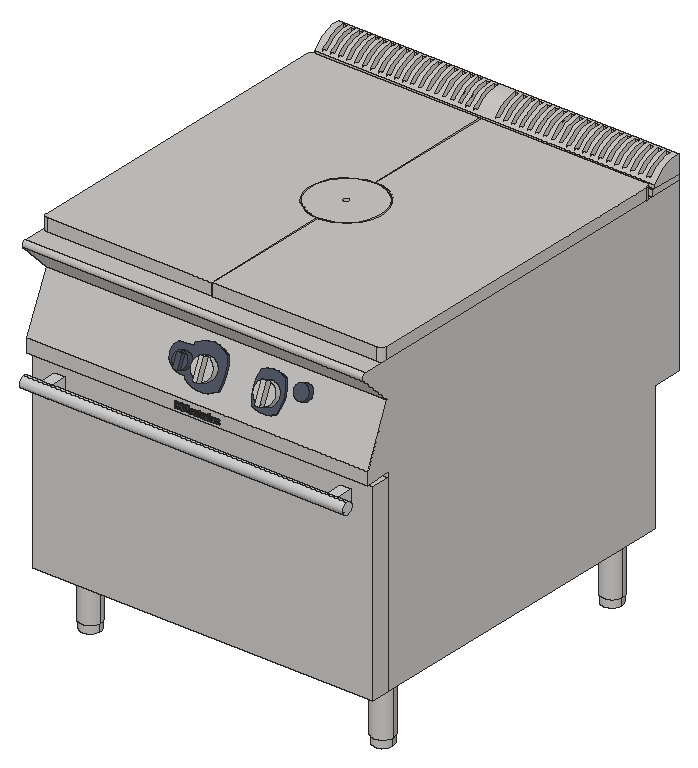
Revit family "QF_ELECTROLUXPROFESSIONAL_391019_E9STGH10G0", category Specialty Equipment, Revit 2018 (continued)
Automatic sketch dimensions
  Extrusion 9 sketch curve to Extrusion 9 sketch curve = 0.408 mm
  Extrusion 9 sketch curve to Extrusion 9 sketch curve = 0.743 mm
  Extrusion 9 sketch curve to Extrusion 9 sketch curve = 1.16 mm
  Extrusion 9 sketch curve to Extrusion 9 sketch curve = 0.329 mm
  Extrusion 9 sketch curve to Extrusion 9 sketch curve = 1.054 mm
  Extrusion 9 sketch curve to Extrusion 9 sketch curve = 1.056 mm
  Extrusion 9 sketch curve to Extrusion 9 sketch curve = 0.129 mm
  Extrusion 9 sketch curve to Extrusion 9 sketch curve = 0.489 mm
  Extrusion 9 sketch curve to Extrusion 9 sketch curve = 0.441 mm
  Extrusion 9 sketch curve to Extrusion 9 sketch curve = 1.151 mm
  Extrusion 9 sketch curve to Extrusion 9 sketch curve = 1.141 mm  (x2)
  Extrusion 9 sketch curve to Extrusion 9 sketch curve = 0.768 mm
  Extrusion 9 sketch curve to Extrusion 9 sketch curve = 1.653 mm
  Extrusion 9 sketch curve to Extrusion 9 sketch curve = 0.499 mm
  Extrusion 9 sketch curve to Extrusion 9 sketch curve = 0.964 mm
  Extrusion 9 sketch curve to Extrusion 9 sketch curve = 0.949 mm
  Extrusion 9 sketch curve to Extrusion 9 sketch curve = 1.345 mm  (x3)
  Extrusion 9 sketch curve to Extrusion 9 sketch curve = 1.101 mm
  Extrusion 9 sketch curve to Extrusion 9 sketch curve = 0.432 mm
  Extrusion 9 sketch curve to Extrusion 9 sketch curve = 1.142 mm
  Extrusion 9 sketch curve to Extrusion 9 sketch curve = 0.959 mm
  Extrusion 9 sketch curve to Extrusion 9 sketch curve = 0.176 mm
  Extrusion 9 sketch curve to Extrusion 9 sketch curve = 0.728 mm
  Extrusion 9 sketch curve to Extrusion 9 sketch curve = 3.375 mm  (x2)
  Extrusion 9 sketch curve to Extrusion 9 sketch curve = 0.541 mm
  Extrusion 9 sketch curve to Extrusion 9 sketch curve = 0.955 mm
  Extrusion 9 sketch curve to Extrusion 9 sketch curve = 1.251 mm
  Extrusion 9 sketch curve to Extrusion 9 sketch curve = 0.572 mm
  Extrusion 9 sketch curve to Extrusion 9 sketch curve = 1.92 mm
  Extrusion 9 sketch curve to Extrusion 9 sketch curve = 1.224 mm
  Extrusion 9 sketch curve to Extrusion 9 sketch curve = 0.745 mm
  Extrusion 9 sketch curve to Extrusion 9 sketch curve = 2.537 mm
  Extrusion 9 sketch curve to Extrusion 9 sketch curve = 0.896 mm  (x3)
  Extrusion 9 sketch curve to Extrusion 9 sketch curve = 0.036 mm
  Extrusion 9 sketch curve to Extrusion 9 sketch curve = 2.607 mm
  Extrusion 9 sketch curve to Extrusion 9 sketch curve = 0.066 mm
  Extrusion 9 sketch curve to Extrusion 9 sketch curve = 0.248 mm
  Extrusion 9 sketch curve to Extrusion 9 sketch curve = 0.449 mm
  Extrusion 9 sketch curve to Extrusion 9 sketch curve = 1.052 mm
  Extrusion 9 sketch curve to Extrusion 9 sketch curve = 1.863 mm
  Extrusion 9 sketch curve to Extrusion 9 sketch curve = 1.31 mm  (x2)
  Extrusion 9 sketch curve to Extrusion 9 sketch curve = 0.901 mm
  Extrusion 9 sketch curve to Extrusion 9 sketch curve = 1.107 mm
  Extrusion 9 sketch curve to Extrusion 9 sketch curve = 2.122 mm
  Extrusion 9 sketch curve to Extrusion 9 sketch curve = 2.101 mm
  Extrusion 9 sketch curve to Extrusion 9 sketch curve = 0.106 mm
  Extrusion 9 sketch curve to Extrusion 9 sketch curve = 0.029 mm
  Extrusion 9 sketch curve to Extrusion 9 sketch curve = 2.09 mm
  Extrusion 9 sketch curve to Extrusion 9 sketch curve = 1.279 mm
  Extrusion 9 sketch curve to Extrusion 9 sketch curve = 2.008 mm
  Extrusion 9 sketch curve to Extrusion 9 sketch curve = 0.738 mm
  Extrusion 9 sketch curve to Extrusion 9 sketch curve = 0.382 mm
  Extrusion 9 sketch curve to Extrusion 9 sketch curve = 0.384 mm
  Extrusion 9 sketch curve to Extrusion 9 sketch curve = 0.002 mm
  Extrusion 9 sketch curve to Extrusion 9 sketch curve = 0.561 mm
  Extrusion 9 sketch curve to Extrusion 9 sketch curve = 0.592 mm
  Extrusion 9 sketch curve to Extrusion 9 sketch curve = 2.692 mm
  Extrusion 9 sketch curve to Extrusion 9 sketch curve = 1.259 mm
  Extrusion 9 sketch curve to Extrusion 9 sketch curve = 0.802 mm
  Extrusion 9 sketch curve to Extrusion 9 sketch curve = 1.024 mm  (x2)
  Extrusion 9 sketch curve to Extrusion 9 sketch curve = 0.682 mm
  Extrusion 9 sketch curve to Extrusion 9 sketch curve = 5.934 mm
  Extrusion 9 sketch curve to Extrusion 9 sketch curve = 2.186 mm
  Extrusion 9 sketch curve to Extrusion 9 sketch curve = 0.337 mm
  Extrusion 9 sketch curve to Extrusion 9 sketch curve = 0.021 mm
  Extrusion 9 sketch curve to Extrusion 9 sketch curve = 1.005 mm
  Extrusion 9 sketch curve to Extrusion 9 sketch curve = 0.552 mm
  Extrusion 9 sketch curve to Extrusion 9 sketch curve = 0.778 mm
  Extrusion 9 sketch curve to Extrusion 9 sketch curve = 0.063 mm
  Extrusion 9 sketch curve to Extrusion 9 sketch curve = 1.023 mm
  Extrusion 9 sketch curve to Extrusion 9 sketch curve = 3.804 mm
  Extrusion 9 sketch curve to Extrusion 9 sketch curve = 0.486 mm
  Extrusion 9 sketch curve to Extrusion 9 sketch curve = 0.266 mm
  Extrusion 9 sketch curve to Extrusion 9 sketch curve = 1.547 mm
  Extrusion 9 sketch curve to Extrusion 9 sketch curve = 0.717 mm  (x2)
  Extrusion 9 sketch curve to Extrusion 9 sketch curve = 1.667 mm
  Extrusion 9 sketch curve to Extrusion 9 sketch curve = 3.174 mm
  Extrusion 9 sketch curve to Extrusion 9 sketch curve = 0.388 mm
  Extrusion 9 sketch curve to Extrusion 9 sketch curve = 1.342 mm
  Extrusion 9 sketch curve to Extrusion 9 sketch curve = 1.521 mm
  Extrusion 9 sketch curve to Extrusion 9 sketch curve = 0.124 mm
  Extrusion 9 sketch curve to Extrusion 9 sketch curve = 0.291 mm
  Extrusion 9 sketch curve to Extrusion 9 sketch curve = 1.049 mm  (x2)
  Extrusion 9 sketch curve to Extrusion 9 sketch curve = 1.7 mm
  Extrusion 9 sketch curve to Extrusion 9 sketch curve = 0.894 mm
  Extrusion 9 sketch curve to Extrusion 9 sketch curve = 0.989 mm
  Extrusion 9 sketch curve to Extrusion 9 sketch curve = 1.168 mm
  Extrusion 9 sketch curve to Extrusion 9 sketch curve = 1.594 mm
  Extrusion 9 sketch curve to Extrusion 9 sketch curve = 0.731 mm
  Extrusion 9 sketch curve to Extrusion 9 sketch curve = 1.566 mm
  Extrusion 9 sketch curve to Extrusion 9 sketch curve = 0.064 mm
  Extrusion 9 sketch curve to Extrusion 9 sketch curve = 0.556 mm  (x2)
  Extrusion 9 sketch curve to Extrusion 9 sketch curve = 0.48 mm
  Extrusion 9 sketch curve to Extrusion 9 sketch curve = 1.018 mm
  Extrusion 9 sketch curve to Extrusion 9 sketch curve = 0.787 mm
  Extrusion 9 sketch curve to Extrusion 9 sketch curve = 0.618 mm
  Extrusion 9 sketch curve to Extrusion 9 sketch curve = 1.672 mm
  Extrusion 9 sketch curve to Extrusion 9 sketch curve = 1.361 mm
  Extrusion 9 sketch curve to Extrusion 9 sketch curve = 0.822 mm
  Extrusion 9 sketch curve to Extrusion 9 sketch curve = 0.069 mm
  Extrusion 9 sketch curve to Extrusion 9 sketch curve = 1.88 mm
  Extrusion 9 sketch curve to Extrusion 9 sketch curve = 0.42 mm
  Extrusion 9 sketch curve to Extrusion 9 sketch curve = 0.062 mm
  Extrusion 9 sketch curve to Extrusion 9 sketch curve = 1.355 mm
  Extrusion 9 sketch curve to Extrusion 9 sketch curve = 2.34 mm
  Extrusion 9 sketch curve to Extrusion 9 sketch curve = 0.493 mm
  Extrusion 9 sketch curve to Extrusion 9 sketch curve = 0.136 mm
  Extrusion 9 sketch curve to Extrusion 9 sketch curve = 0.128 mm
  Extrusion 9 sketch curve to Extrusion 9 sketch curve = 3.616 mm
  Extrusion 9 sketch curve to Extrusion 9 sketch curve = 4.207 mm
  Extrusion 9 sketch curve to Extrusion 9 sketch curve = 0.183 mm
  Extrusion 9 sketch curve to Extrusion 9 sketch curve = 0.895 mm
  Extrusion 9 sketch curve to Extrusion 9 sketch curve = 1.314 mm
  Extrusion 9 sketch curve to Extrusion 9 sketch curve = 3.231 mm
  Extrusion 9 sketch curve to Extrusion 9 sketch curve = 1.299 mm
  Extrusion 9 sketch curve to Extrusion 9 sketch curve = 1.214 mm
  Extrusion 9 sketch curve to Extrusion 9 sketch curve = 1.264 mm
  Extrusion 9 sketch curve to Extrusion 9 sketch curve = 0.109 mm
  Extrusion 9 sketch curve to Extrusion 9 sketch curve = 0.357 mm
  Extrusion 9 sketch curve to Extrusion 9 sketch curve = 0.565 mm
  Extrusion 9 sketch curve to Extrusion 9 sketch curve = 2.504 mm
  Extrusion 9 sketch curve to Extrusion 9 sketch curve = 2.459 mm
  Extrusion 5 to Extrusion 9 sketch curve = 345.888 mm
  Extrusion 9 sketch curve to Extrusion 9 sketch curve = 0.208 mm
  Extrusion 9 sketch curve to Extrusion 9 sketch curve = 0.468 mm  (x2)
  Extrusion 9 sketch curve to Extrusion 9 sketch curve = 1.559 mm
  Extrusion 9 sketch curve to Extrusion 9 sketch curve = 0.422 mm  (x2)
  Extrusion 9 sketch curve to Extrusion 9 sketch curve = 0.494 mm
  Extrusion 9 sketch curve to Extrusion 9 sketch curve = 3.927 mm
  Extrusion 9 sketch curve to Extrusion 9 sketch curve = 0.782 mm
  Extrusion 9 sketch curve to Extrusion 9 sketch curve = 1.268 mm
  Extrusion 9 sketch curve to Extrusion 9 sketch curve = 0.671 mm
  Extrusion 9 sketch curve to Extrusion 9 sketch curve = 0.777 mm
  Extrusion 9 sketch curve to Extrusion 9 sketch curve = 0.704 mm
  Extrusion 9 sketch curve to Extrusion 9 sketch curve = 0.781 mm  (x2)
  Extrusion 9 sketch curve to Extrusion 9 sketch curve = 1.634 mm
  Extrusion 9 sketch curve to Extrusion 9 sketch curve = 0.132 mm
  Extrusion 9 sketch curve to Extrusion 9 sketch curve = 3.136 mm
  Extrusion 9 sketch curve to Extrusion 9 sketch curve = 2.422 mm
  Extrusion 9 sketch curve to Extrusion 9 sketch curve = 0.586 mm
  Extrusion 9 sketch curve to Extrusion 9 sketch curve = 2.046 mm  (x2)
  Extrusion 9 sketch curve to Extrusion 9 sketch curve = 1.241 mm
  Extrusion 9 sketch curve to Extrusion 9 sketch curve = 1.689 mm
  Extrusion 9 sketch curve to Extrusion 9 sketch curve = 2.859 mm
  Extrusion 9 sketch curve to Extrusion 9 sketch curve = 0.627 mm
  Extrusion 9 sketch curve to Extrusion 9 sketch curve = 0.863 mm
  Extrusion 9 sketch curve to Extrusion 9 sketch curve = 0.419 mm
  Extrusion 9 sketch curve to Extrusion 9 sketch curve = 1.514 mm
  Extrusion 9 sketch curve to Extrusion 9 sketch curve = 1.019 mm
  Extrusion 9 sketch curve to Extrusion 9 sketch curve = 0.065 mm
  Extrusion 9 sketch curve to Extrusion 9 sketch curve = 1.215 mm
  Extrusion 9 sketch curve to Extrusion 9 sketch curve = 2.708 mm
  Extrusion 9 sketch curve to Extrusion 9 sketch curve = 1.122 mm
  Extrusion 9 sketch curve to Extrusion 9 sketch curve = 1.153 mm
  Extrusion 9 sketch curve to Extrusion 9 sketch curve = 3.009 mm
  Extrusion 9 sketch curve to Extrusion 9 sketch curve = 0.829 mm  (x2)
  Extrusion 9 sketch curve to Extrusion 9 sketch curve = 0.934 mm
  Extrusion 9 sketch curve to Extrusion 9 sketch curve = 3.376 mm
  Extrusion 9 sketch curve to Extrusion 9 sketch curve = 0.222 mm
  Extrusion 9 sketch curve to Extrusion 9 sketch curve = 1.383 mm
  Extrusion 9 sketch curve to Extrusion 9 sketch curve = 1.556 mm
  Extrusion 9 sketch curve to Extrusion 9 sketch curve = 2.559 mm
  Extrusion 9 sketch curve to Extrusion 9 sketch curve = 2.51 mm
  Extrusion 9 sketch curve to Extrusion 9 sketch curve = 0.131 mm
  Extrusion 9 sketch curve to Extrusion 9 sketch curve = 1.717 mm
  Extrusion 9 sketch curve to Extrusion 9 sketch curve = 1.134 mm
  Extrusion 9 sketch curve to Extrusion 9 sketch curve = 0.366 mm
  Extrusion 9 sketch curve to Extrusion 9 sketch curve = 0.094 mm
  Extrusion 9 sketch curve to Extrusion 9 sketch curve = 1.584 mm
  Extrusion 9 sketch curve to Extrusion 9 sketch curve = 1.501 mm
  Extrusion 9 sketch curve to Extrusion 9 sketch curve = 0.27 mm
  Extrusion 9 sketch curve to Extrusion 9 sketch curve = 1.808 mm
  Extrusion 9 sketch curve to Extrusion 9 sketch curve = 0.643 mm
  Extrusion 9 sketch curve to Extrusion 9 sketch curve = 0.916 mm
  Extrusion 9 sketch curve to Extrusion 9 sketch curve = 0.352 mm
  Extrusion 9 sketch curve to Extrusion 9 sketch curve = 0.458 mm
  Extrusion 9 sketch curve to Extrusion 9 sketch curve = 1.282 mm
  Extrusion 9 sketch curve to Extrusion 9 sketch curve = 1.363 mm
  Extrusion 9 sketch curve to Extrusion 9 sketch curve = 0.685 mm
  Extrusion 9 sketch curve to Extrusion 9 sketch curve = 0.905 mm
  Extrusion 9 sketch curve to Extrusion 9 sketch curve = 2.865 mm
  Extrusion 9 sketch curve to Extrusion 9 sketch curve = 0.472 mm
  Extrusion 9 sketch curve to Extrusion 9 sketch curve = 0.101 mm
  Extrusion 9 sketch curve to Extrusion 9 sketch curve = 0.54 mm
  Extrusion 9 sketch curve to Extrusion 9 sketch curve = 0.02 mm
  Extrusion 9 sketch curve to Extrusion 9 sketch curve = 0.582 mm
  Extrusion 9 sketch curve to Extrusion 9 sketch curve = 0.166 mm
  Extrusion 9 sketch curve to Extrusion 9 sketch curve = 0.16 mm
  Extrusion 9 sketch curve to Extrusion 9 sketch curve = 2.781 mm
  Extrusion 9 sketch curve to Extrusion 9 sketch curve = 1.118 mm
  Extrusion 9 sketch curve to Extrusion 9 sketch curve = 0.613 mm
  Extrusion 9 sketch curve to Extrusion 9 sketch curve = 0.361 mm
  Extrusion 9 sketch curve to Extrusion 9 sketch curve = 0.897 mm
  Extrusion 9 sketch curve to Extrusion 9 sketch curve = 0.167 mm
  Extrusion 9 sketch curve to Extrusion 9 sketch curve = 0.292 mm
  Extrusion 9 sketch curve to Extrusion 9 sketch curve = 0.305 mm
  Extrusion 9 sketch curve to Extrusion 9 sketch curve = 1.557 mm
  Extrusion 9 sketch curve to Extrusion 9 sketch curve = 2.499 mm
  Extrusion 9 sketch curve to Extrusion 9 sketch curve = 3.062 mm
  Extrusion 9 sketch curve to Extrusion 9 sketch curve = 2.968 mm
  Extrusion 9 sketch curve to Extrusion 9 sketch curve = 5.044 mm
  Extrusion 9 sketch curve to Extrusion 9 sketch curve = 0.629 mm  (x2)
  Extrusion 9 sketch curve to Extrusion 9 sketch curve = 1.131 mm
  Extrusion 9 sketch curve to Extrusion 9 sketch curve = 0.137 mm
  Extrusion 9 sketch curve to Extrusion 9 sketch curve = 0.027 mm
  Extrusion 9 sketch curve to Extrusion 9 sketch curve = 2.235 mm
  Extrusion 10 sketch curve to plane 10 = 0 mm
  Extrusion 10 sketch curve to plane 1 "BACK" = 0 mm
  plane 10 to Extrusion 10 sketch curve = 14.288 mm
  Extrusion 10 sketch curve to plane 15 = 49.8 mm
  Extrusion 11 sketch curve to plane 4 "RIGHT" = 14.847 mm
  Extrusion 11 sketch curve to Extrusion 11 sketch curve = 9.296 mm  (x38)
  Extrusion 11 sketch curve to Extrusion 11 sketch curve = 9.397 mm  (x36)
  plane 14 to Extrusion 11 sketch curve = 3.768 mm
  Extrusion 11 sketch curve to plane 14 = 5.528 mm
  Extrusion 11 sketch curve to plane 7 "Center Y" = 20.698 mm
  Extrusion 11 sketch curve to plane 13 = 5.528 mm
  plane 13 to Extrusion 11 sketch curve = 3.768 mm
  plane 1 "BACK" to Extrusion 11 sketch curve = 6.761 mm  (x40)
  Extrusion 11 sketch curve to Extrusion 11 sketch curve = 57.15 mm  (x2)
  Extrusion 11 sketch curve to Extrusion 11 sketch curve = 0 mm  (x38)
  Extrusion 12 sketch curve to plane 1 "BACK" = 0 mm
  Extrusion 12 sketch curve to plane 6 "TOP" = 0 mm
  plane 1 "BACK" to Extrusion 12 sketch curve = 1.769 mm
  plane 10 to Extrusion 12 sketch curve = 23.812 mm
  plane 1 "BACK" to Extrusion 12 sketch curve = 69.85 mm
  plane 10 to Extrusion 12 sketch curve = 14.288 mm
  Extrusion 5 to Extrusion 14 sketch curve = 30.134 mm  (x2)
  Extrusion 14 sketch curve to Extrusion 14 sketch curve = 12.3 mm  (x3)
  Extrusion 14 sketch curve to Extrusion 14 sketch curve = 36.365 mm  (x2)
  Extrusion 14 sketch curve to Extrusion 14 sketch curve = 46.691 mm
  Extrusion 5 to Extrusion 14 sketch curve = 308.131 mm
  Extrusion 14 sketch curve to Extrusion 14 sketch curve = 25.727 mm
  Extrusion 14 sketch curve to Extrusion 14 sketch curve = 26.344 mm
  Extrusion 14 sketch curve to Extrusion 14 sketch curve = 28.57 mm
  Extrusion 16 sketch curve to Extrusion 16 sketch curve = 24.732 mm
  Extrusion 16 sketch curve to Extrusion 16 sketch curve = 0 mm
  Extrusion 5 to Extrusion 17 sketch curve = 42.286 mm
  Extrusion 5 to Extrusion 17 sketch curve = 177.817 mm
  Extrusion 18 sketch curve to Extrusion 18 sketch curve = 0 mm  (x2)
  Extrusion 5 to Extrusion 18 sketch curve = 28.402 mm
  Extrusion 5 to Extrusion 18 sketch curve = 29.762 mm
  Extrusion 18 sketch curve to Extrusion 18 sketch curve = 5.974 mm
  Extrusion 18 sketch curve to Extrusion 18 sketch curve = 0.131 mm
  Extrusion 18 sketch curve to Extrusion 18 sketch curve = 5.168 mm
  Extrusion 18 sketch curve to Extrusion 18 sketch curve = 12.927 mm
  Extrusion 18 sketch curve to Extrusion 18 sketch curve = 23.969 mm  (x2)
  Extrusion 18 sketch curve to Extrusion 18 sketch curve = 36.738 mm
  Extrusion 18 sketch curve to Extrusion 18 sketch curve = 2.986 mm
  Extrusion 18 sketch curve to Extrusion 18 sketch curve = 35.441 mm
  Extrusion 18 sketch curve to Extrusion 18 sketch curve = 28.808 mm
  Extrusion 18 sketch curve to Extrusion 18 sketch curve = 33.329 mm
  Extrusion 18 sketch curve to Extrusion 18 sketch curve = 5.918 mm
  Extrusion 5 to Extrusion 18 sketch curve = 75.859 mm
  Extrusion 5 to Extrusion 18 sketch curve = 325.393 mm
  Extrusion 18 sketch curve to Extrusion 18 sketch curve = 17.177 mm
  Extrusion 18 sketch curve to Extrusion 18 sketch curve = 11.842 mm
  Extrusion 18 sketch curve to Extrusion 18 sketch curve = 30.101 mm
  Extrusion 18 sketch curve to Extrusion 18 sketch curve = 4.832 mm
  Extrusion 18 sketch curve to Extrusion 18 sketch curve = 2.204 mm
  Extrusion 18 sketch curve to Extrusion 18 sketch curve = 39.001 mm
  Extrusion 20 sketch curve to Extrusion 20 sketch curve = 24.732 mm
  Extrusion 20 sketch curve to Extrusion 20 sketch curve = 0 mm
  Extrusion 22 sketch curve to Extrusion 22 sketch curve = 0 mm
  Extrusion 22 sketch curve to Extrusion 22 sketch curve = 7.232 mm  (x3)
  Extrusion 22 sketch curve to Extrusion 22 sketch curve = 17.5 mm
  Extrusion 22 sketch curve to Extrusion 22 sketch curve = 5.786 mm
  Extrusion 5 to Extrusion 24 sketch curve = 0 mm
  Extrusion 24 sketch curve to Extrusion 5 = 22.408 mm
  Extrusion 24 sketch curve to Extrusion 5 = 15.963 mm
  Extrusion 5 to Extrusion 24 sketch curve = 393.167 mm
  Extrusion 5 to Extrusion 24 sketch curve = 22.617 mm
  plane 5 "FRONT" to Extrusion 25 sketch curve = 0 mm  (x2)
  Extrusion 25 sketch curve to plane 3 "LEFT" = 0 mm
  plane 1 "BACK" to Extrusion 25 sketch curve = 0 mm
  Extrusion 25 sketch curve to plane 4 "RIGHT" = 0 mm
  Extrusion 25 sketch curve to plane 3 "LEFT" = 100 mm
  plane 4 "RIGHT" to Extrusion 25 sketch curve = 100 mm
  Extrusion 25 sketch curve to plane 1 "BACK" = 100 mm
  Extrusion 26 sketch curve to plane 5 "FRONT" = 30.129 mm
  Extrusion 26 sketch curve to plane 10 = 298.908 mm
  plane 5 "FRONT" to Extrusion 26 sketch curve = 17.679 mm
  Extrusion 26 sketch curve to Extrusion 26 sketch curve = 3.343 mm
  Extrusion 26 sketch curve to Extrusion 26 sketch curve = 2.066 mm
  Extrusion 26 sketch curve to Extrusion 26 sketch curve = 0 mm  (x2)
  Extrusion 26 sketch curve to Extrusion 26 sketch curve = 1.593 mm
  Extrusion 26 sketch curve to Extrusion 26 sketch curve = 5.756 mm
  Extrusion 26 sketch curve to Extrusion 26 sketch curve = 4.906 mm
  Extrusion 26 sketch curve to Extrusion 26 sketch curve = 5.312 mm
  plane 5 "FRONT" to Extrusion 26 sketch curve = 8.549 mm
  Extrusion 26 sketch curve to Extrusion 26 sketch curve = 11.3 mm
  Extrusion 26 sketch curve to Extrusion 26 sketch curve = 28.009 mm
  Extrusion 26 sketch curve to Extrusion 26 sketch curve = 11.2 mm
  Extrusion 6 to Extrusion 8 sketch curve = 30.812 mm
  Extrusion 8 sketch curve to Extrusion 6 = 49.878 mm
  Extrusion 13 sketch curve to Extrusion 13 sketch curve = 0 mm  (x5)
  Extrusion 13 sketch curve to Extrusion 5 = 82.3 mm
  Extrusion 13 sketch curve to Extrusion 13 sketch curve = 12.7 mm  (x2)
  Extrusion 13 sketch curve to Extrusion 13 sketch curve = 309.612 mm
  Extrusion 13 sketch curve to Extrusion 13 sketch curve = 0.006 mm
  Extrusion 13 sketch curve to Extrusion 13 sketch curve = 85.486 mm
  Extrusion 13 sketch curve to Extrusion 13 sketch curve = 0.001 mm
  Extrusion 13 sketch curve to Extrusion 13 sketch curve = 85.475 mm
  Extrusion 13 sketch curve to Extrusion 13 sketch curve = 0.017 mm
  Extrusion 13 sketch curve to Extrusion 5 = 61.9 mm  (x2)
  Extrusion 13 sketch curve to Extrusion 5 = 49.2 mm
  Extrusion 5 to Extrusion 13 sketch curve = 0 mm
  Extrusion 13 sketch curve to Extrusion 13 sketch curve = 385.772 mm
  Extrusion 13 sketch curve to Extrusion 13 sketch curve = 0.481 mm
  Extrusion 13 sketch curve to Extrusion 13 sketch curve = 0.324 mm
  Extrusion 13 sketch curve to Extrusion 13 sketch curve = 0.04 mm
  Extrusion 13 sketch curve to Extrusion 13 sketch curve = 2.956 mm
  Extrusion 5 to Extrusion 13 sketch curve = 12.7 mm
  radius of Extrusion 15 sketch curve = 25.4 mm
  radius of Extrusion 16 sketch curve to Extrusion 15 = 0 mm  (x2)
  radius of Extrusion 17 sketch curve = 17.78 mm
  radius of Extrusion 19 sketch curve = 25.4 mm
  radius of Extrusion 20 sketch curve to Extrusion 19 = 0 mm  (x2)
  radius of Extrusion 21 sketch curve = 18.37 mm
  radius of Extrusion 23 sketch curve = 6.4 mm
  radius of Extrusion 8 sketch curve = 12.7 mm
  radius of Extrusion 13 sketch curve = 82.6 mm
  radius of Extrusion 13 sketch curve = 7 mm
Connectors
  piping at (747.613, -664, 129), diameter 12.8
    settings: on Extrusion 23, index 1, connector inside diameter 0.50394", connector length 0 mm, flow factor 0, pipe flow 0 GPM, pressure drop 0.00 psi, fitting loss kfactor 0, connector angle 0.00°, fixture units 0, engagement length 0 mm, angle of deflection 0.00°, flow configuration 1, flow direction 1, fitting loss method 0, system type 7, joint type 0, gender type 0, connector reference index -1, connector utility 0, adjustable connector no, is connector primary yes, connector description "GAS CONNECTION"
